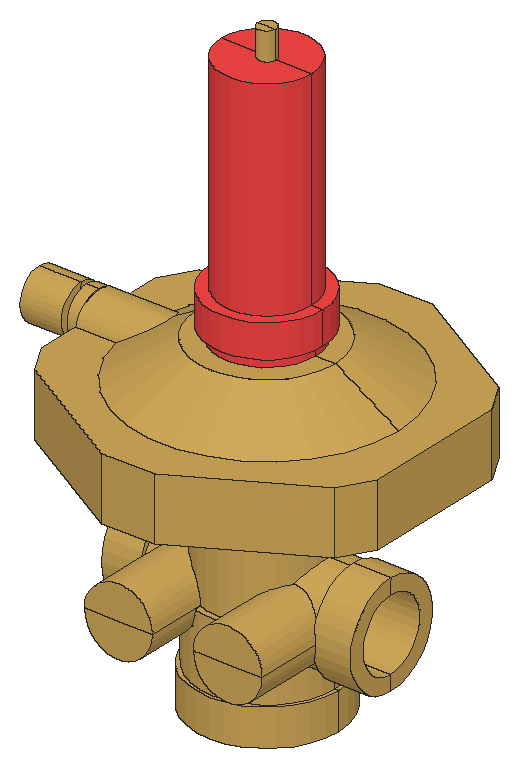
Revit family "Differenzdruckregler 4202 25-60kPa", category Rohrzubehör, Revit 2019
Family settings
  Bemaßung runder Anschluss = Durchmesser verwenden
  Teiletyp = Unterbricht
  OmniClass-Nummer = 23.65.55.14
  OmniClass-Titel = Valves for Liquid Services
  Arbeitsebenenbasiert = Nein
  Immer vertikal = Ja
  Beim Laden mit Abzugskörper schneiden = Nein
  Gemeinsam genutzt = Nein
Parameters (values of type "Ohne Dämmung")
  y2 [instance] = K14 + K9 + H01  # 49.149 mm
  y1 [instance] = (R03 * 2) + R05  # 66.000 mm
  PN = 25  # constant formula
  Min. Betriebstemperatur (Frostschutz) = -20 °C  # constant formula
  Max. zulässige Betriebstemperatur bis DN32 = 130 °C  # constant formula
  Max. zulässige Betriebstemperatur DN40 - DN50 = 110 °C  # constant formula
  Max. Differenzdruck am Gehäuse = 400000.0 Pa  # constant formula
  Max. Betriebsdruck = 2500000.0 Pa  # constant formula
  Ventilschaft = "Edelstahl 14301"  # constant formula
  URL = "www.herz-armaturen.at"
  SCRNSEQ = "ARM;ARM_TYP=\"DIFR\";2"
  SCRNCODE = "05;03;4"  # constant formula
  S06 [instance] = 1.000 mm  # constant formula
  S05 [instance] = S01 - 1.000 mm  # 16.250 mm
  S04 [instance] = S02 - 1.000 mm  # 18.000 mm
  S03 [instance] = size_lookup("4202 25-60kPa", "S03", 26.500 mm, Nennweite)  # 25.600 mm
  S02 [instance] = size_lookup("4202 25-60kPa", "S02", 19.000 mm, Nennweite)  # 19.000 mm
  S01 [instance] = size_lookup("4202 25-60kPa", "S01", 17.250 mm, Nennweite)  # 17.250 mm
  Regleranschlussmutter = "Messing CW614N"  # constant formula
  Regelbereich = "25 - 60kPa"  # constant formula
  R06 [instance] = size_lookup("4202 25-60kPa", "R06", 14.500 mm, Nennweite)  # 14.500 mm
  R05 [instance] = size_lookup("4202 25-60kPa", "R05", 46.000 mm, Nennweite)  # 46.000 mm
  R04 [instance] = size_lookup("4202 25-60kPa", "R04", 12.500 mm, Nennweite)  # 12.500 mm
  R03 [instance] = size_lookup("4202 25-60kPa", "R03", 10.000 mm, Nennweite)  # 10.000 mm
  R02 = 14.500 mm  # constant formula
  R01 [instance] = size_lookup("4202 25-60kPa", "R01", 12.500 mm, Nennweite)  # 12.500 mm
  Min. Betriebstemperatur (reines Wasser) = 2 °C  # constant formula
  O-Ringe = "EPDM"  # constant formula
  Nennweite [instance] = 15.000 mm
  Membrangehäuse = "Messing CW602N"  # constant formula
  Membrane = "EPDM"  # constant formula
  Medium = "Wasserbeschaffenheit nach ÖNORM H 5195 und VDI 2035\r\nDie Verwendung von Ethylen- und Propylenglykol ist im\r\nMischungsverhältnis 25 - 50 Vol.-% zulässig."
  L2 [instance] = size_lookup("4202 25-60kPa", "L2", 161.000 mm, Nennweite)  # 161.000 mm
  L [instance] = size_lookup("4202 25-60kPa", "L", 66.000 mm, Nennweite)  # 66.000 mm
  K9 = 4.000 mm  # constant formula
  K8 = 55.000 mm  # constant formula
  K7 = 8.700 mm  # constant formula
  K6 = 11.700 mm  # constant formula
  K5 = 13.000 mm  # constant formula
  K4 = 12.000 mm  # constant formula
  K3 = 15.000 mm  # constant formula
  K2 = 2.350 mm  # constant formula
  K18 = 89.000 mm  # constant formula
  K17 = 66.700 mm  # constant formula
  K16 = 3.000 mm  # constant formula
  K15 = 26.649 mm  # constant formula
  K14 = 16.649 mm  # constant formula
  K13 = 16.649 mm  # constant formula
  K12 = 10.000 mm  # constant formula
  K11 = 35.000 mm  # constant formula
  K10 = 18.250 mm  # constant formula
  K1.1 = 2.350 mm  # constant formula
  K1 = 7.651 mm  # constant formula
  J9 = 15.700 mm  # constant formula
  J8 = 7.850 mm  # constant formula
  J7 = 15.897 mm  # constant formula
  J6 = 3.900 mm  # constant formula
  J5 = 6.500 mm  # constant formula
  J4 = 1.500 mm  # constant formula
  J3 = 3.200 mm  # constant formula
  J2 = 11.000 mm  # constant formula
  J11 = 3.500 mm  # constant formula
  J10 = 18.897 mm  # constant formula
  J1 = 6.500 mm  # constant formula
  Hersteller = "HERZ-Armaturen Ges.m.b.H"  # constant formula
  H2 [instance] = size_lookup("4202 25-60kPa", "H2", 28.000 mm, Nennweite)  # 28.000 mm
  H1 [instance] = K1 + K2 + K3 + K4 + K5 + K7 + K8 + K16 + 16.650 mm  # 133.351 mm
  H04 = 4.000 mm  # constant formula
  H03 = 9.800 mm  # constant formula
  H02 [instance] = size_lookup("4202 25-60kPa", "H02", 53.000 mm, Nennweite)  # 53.000 mm
  H01 [instance] = size_lookup("4202 25-60kPa", "H01", 25.000 mm, Nennweite)  # 28.500 mm
  Gehäuse = "DZR Messing CC770S"  # constant formula
  G03 [instance] = size_lookup("4202 25-60kPa", "G03", 13.200 mm, Nennweite)  # 13.200 mm
  G02 [instance] = size_lookup("4202 25-60kPa", "G02", 9.500 mm, Nennweite)  # 9.500 mm
  G01 [instance] = size_lookup("4202 25-60kPa", "G01", 13.500 mm, Nennweite)  # 13.500 mm
  Einstellspindel = "Messing CW614N"  # constant formula
  Hinweise zum Material = "Gemäß Art 33 der REACH-Verordnung (EG Nr. 1907/2006) sind wir verpflichtet, darauf hinzuweisen,\r\ndass der Stoff Blei auf der SVHC-Liste geführt wird und dass alle aus Messing bestehenden Bauteile,\r\ndie in unseren Erzeugnissen verarbeitet sind, mehr als 0,1 % (w/w) Blei (CAS: 7439-92-1 / EINECS:\r\n231-100-4) enthalten. Da Blei als Legierungsbestandteil fest gebunden ist, sind keine Expositionen zu\r\nerwarten und daher sind keine zusätzlichen Angaben zur sicheren Verwendung notwendig.\r\n\r\nIm Hanf enthaltenes Ammoniak schädigt\r\nMessingventilgehäuse, EPDM Dichtungen werden durch\r\nMineralöle bzw. mineralölhaltige Schmierstoffe aufgequollen\r\nund führen somit zum Ausfall der EPDM-Dichtungen. Für\r\nFrost- und Korrosionsschutzmittel auf der Basis von Ethylen- und Propylenglykol sind die entsprechenden\r\nAngaben den Unterlagen des Herstellers zu entnehmen."
  Dämmung = no
  Dämmschale = "EPP (expandiertes Polypropylen)"  # constant formula
  Druckfeder = "Federstahl 14310 NS"  # constant formula
  DN50 [instance] = Nennweite = 50.000 mm  # no
  DN40 [instance] = Nennweite = 40.000 mm  # no
  DN32-40 [instance] = or(Nennweite = 32.000 mm, Nennweite = 40.000 mm)  # no
  DN32 [instance] = Nennweite = 32.000 mm  # no
  DN25,32,40 [instance] = or(Nennweite = 25.000 mm, Nennweite = 32.000 mm, Nennweite = 40.000 mm)  # no
  DN25 [instance] = Nennweite = 25.000 mm  # no
  DN20 [instance] = Nennweite = 20.000 mm  # no
  DN15-25 [instance] = or(Nennweite = 15.000 mm, Nennweite = 20.000 mm, Nennweite = 25.000 mm)  # yes
  DN15,20,50 [instance] = or(Nennweite = 15.000 mm, Nennweite = 20.000 mm, Nennweite = 50.000 mm)  # yes
  DN15 [instance] = Nennweite = 15.000 mm  # yes
  D07 [instance] = if(Nennweite = 15.000 mm, 32.500 mm, if(Nennweite = 20.000 mm, 33.500 mm, if(Nennweite = 25.000 mm, 33.500 mm, if(Nennweite = 32.000 mm, 49.500 mm, if(Nennweite = 40.000 mm, 59.500 mm, if(Nennweite = 50.000 mm, 59.500 mm, 0.000 mm))))))  # 32.500 mm
  D06 [instance] = if(Nennweite = 15.000 mm, 32.500 mm, if(Nennweite = 20.000 mm, 33.500 mm, if(Nennweite = 25.000 mm, 33.500 mm, if(Nennweite = 32.000 mm, 49.500 mm, if(Nennweite = 40.000 mm, 59.500 mm, if(Nennweite = 50.000 mm, 59.500 mm, 0.000 mm))))))  # 32.500 mm
  D05 [instance] = if(Nennweite = 15.000 mm, 36.750 mm, if(Nennweite = 20.000 mm, 40.700 mm, if(Nennweite = 25.000 mm, 49.200 mm, if(Nennweite = 32.000 mm, 54.150 mm, if(Nennweite = 40.000 mm, 60.750 mm, if(Nennweite = 50.000 mm, 72.700 mm, 0.000 mm))))))  # 36.750 mm
  D04 [instance] = if(Nennweite = 15.000 mm, 78.500 mm, if(Nennweite = 20.000 mm, 82.000 mm, if(Nennweite = 25.000 mm, 84.000 mm, if(Nennweite = 32.000 mm, 120.000 mm, if(Nennweite = 40.000 mm, 130.000 mm, if(Nennweite = 50.000 mm, 130.500 mm, 0.000 mm))))))  # 78.500 mm
  D03 [instance] = if(Nennweite = 15.000 mm, 96.000 mm, if(Nennweite = 20.000 mm, 110.000 mm, if(Nennweite = 25.000 mm, 112.000 mm, if(Nennweite = 32.000 mm, 152.000 mm, if(Nennweite = 40.000 mm, 170.000 mm, if(Nennweite = 50.000 mm, 179.000 mm, 0.000 mm))))))  # 96.000 mm
  D02 [instance] = size_lookup("4202 25-60kPa", "R05", 41.000 mm, Nennweite)  # 46.000 mm
  D01 [instance] = size_lookup("4202 25-60kPa", "G01", 13.220 mm, Nennweite)  # 13.500 mm
  Bestellnummer Dämmung [instance] = if(and(Dämmung, Nennweite = 15.000 mm), 1409611, if(and(Dämmung, Nennweite = 20.000 mm), 1409612, if(and(Dämmung, Nennweite = 25.000 mm), 1409613, if(and(Dämmung, Nennweite = 32.000 mm), 1409614, if(and(Dämmung, Nennweite = 40.000 mm), 1409615, if(and(Dämmung, Nennweite = 50.000 mm), 1409616, 0))))))  # 0
  Bestellnummer [instance] = if(Nennweite = 15.000 mm, 1420261, if(Nennweite = 20.000 mm, 1420262, if(Nennweite = 25.000 mm, 1420263, if(Nennweite = 32.000 mm, 1420264, if(Nennweite = 40.000 mm, 1420265, if(Nennweite = 50.000 mm, 1420266, 0))))))  # 1420261
  B2 [instance] = size_lookup("4202 25-60kPa", "B2", 31.000 mm, Nennweite)  # 31.000 mm
  B1 [instance] = size_lookup("4202 25-60kPa", "B1", 26.000 mm, Nennweite)  # 26.000 mm
  B04 = 100.649 mm  # constant formula
  B03 = 44.500 mm  # constant formula
  B02 = 104.688 mm  # constant formula
  B01 = 10.000 mm  # constant formula
  Anzeigehülse = "Kunststoff (Rot)"  # constant formula
  Anwendungsgebiet = "Der Differenzdruckregler ist ein Regler mit linearer Kennlinie in Geradsitzausführung und arbeitet ohne\r\nHilfsenergie. Der gewünschte Differenzdruck-Sollwert kann zwischen 5 und 30 kPa; 25 und 60 kPa bzw.\r\n45 und 80 kPa stufenlos eingestellt werden. Der eingestellte Wert ist mit Hilfe des Einstelldiagrammes\r\nablesbar. Werksseitig ist der Sollwert auf Minimum eingestellt. Der erforderliche Sollwert wird mit dem\r\nEinstellwerkzeug (1 4006 02) eingestellt. Im Lieferumfang enthalten ist die Impulsleitung (1000 mm),\r\ndiese ist im Vorlauf einzubinden."
  Anschlussnippel = "Messing CW602N"  # constant formula
Types (2, lengths in mm): name | Dämmung | Bestellnummer Dämmung
  Ohne Dämmung | no | 0
  Mit Dämmung | yes | 1409611
Reference planes
  plane 1 "Mitte (Vorne/hinten)": y = 0
  plane 2: z = 0
  plane 3 "Mitte (Links/rechts)": x = 0
Forms (mm)
  Revolve 1, solid, material "Messing, weicher Gelbton, geschweißt", detail levels fine
    sketch origin (0, 0, 0) x (1, 0, 0) y (0, 0, 1)
      loop
        line (-19.8, 0) -> (19.8, 0) -> (19.8, 9.5) -> (33, 9.5) -> (33, 13.5) -> (23, 13.5) -> (23, 12.5) -> (-23, 12.5) -> (-23, 13.5) -> (-33, 13.5) -> (-33, 9.5) -> (-19.8, 9.5) -> (-19.8, 0)
      axis (-33, 0) -> (33, 0)
    angle from 0 to 360
  Revolve 2, solid, material "Messing, weicher Gelbton, geschweißt", detail levels fine
    sketch origin (0, 0, 0) x (1, 0, 0) y (0, 0, 1)
      loop
        line (0, -28) -> (0, 0) -> (-18, 0) -> (-18, -18.2) -> (-19, -18.2) -> (-19, -28) -> (0, -28)
      axis (0, 0) -> (0, -28)
    angle from 0 to 360
  Extrusion 3, solid, material "Messing, weicher Gelbton, geschweißt", detail levels fine
    sketch origin (0, 0, 0) x (0, -1, 0) y (1, 0, 0)
      loop
        line (-46, -7.038) -> (-27.114, -39.75) -> (-18.886, -44.5) -> (18.886, -44.5) -> (27.114, -39.75) -> (46, -7.038) -> (46, 7.038) -> (27.114, 39.75) -> (18.886, 44.5) -> (-18.886, 44.5) -> (-27.114, 39.75) -> (-46, 7.038) -> (-46, -7.038)
    from 32.5 to 49.149
  Revolve 4, solid, material "Messing, weicher Gelbton, geschweißt", detail levels fine
    sketch origin (0, 0, -7.051) x (1, 0, 0) y (0, 0, 1)
      loop
        line (0, 56.2) -> (0, 66.2) -> (-18.25, 66.2) -> (-35, 56.2) -> (0, 56.2)
      axis (0, 66.2) -> (0, 56.2)
    angle from 0 to 360
  Revolve 5, solid, material "Messing, weicher Gelbton, geschweißt", visible <- "DN15-25", detail levels fine
    sketch origin (-11, 0, 0) x (1, 0, 0) y (0, 1, 0)
      loop
        line (-1.5, 26) -> (-9.2, 26) -> (-9.2, 0) -> (-1.5, 0) -> (-1.5, 26)
      axis (-1.5, 0) -> (-1.5, 26)
    angle from 0 to 360
  Revolve 6, solid, material "Messing, weicher Gelbton, geschweißt", visible <- "DN15,20,50", detail levels fine
    sketch origin (-0.988, 0, -6.853) x (-1, 0, 0) y (0, 0, 1)
      loop
        line (43.5, 55.25) -> (59.2, 55.25) -> (59.2, 61.75) -> (48.2, 61.75) -> (48.2, 59.15) -> (46.7, 59.15) -> (46.7, 61.75) -> (43.5, 61.75) -> (43.5, 55.25)
      axis (43.5, 55.25) -> (59.2, 55.25)
    angle from 0 to 360
  Extrusion 7, solid, material "Messing, weicher Gelbton, geschweißt", visible <- "DN15,20,50", detail levels fine
    sketch origin (0, 0, 0) x (0, 1, 0) y (0, 0, -1)
      loop
        line (7.85, -47.047) -> (7.85, -36) -> (-7.85, -36) -> (-7.85, -47.047)
        arc (-7.85, -47.047) -> (0, -54.897) -> (7.85, -47.047) r 7.85
    from 0 to 44.5
  Revolve 8, solid, material "Kunsstoff rot", detail levels fine
    sketch origin (0, 0, 0) x (1, 0, 0) y (0, 0, 1)
      loop
        line (-12, 125.849) -> (-12, 70.849) -> (-15, 70.849) -> (-15, 62.149) -> (-13, 62.149) -> (-13, 59.149) -> (0, 59.149) -> (0, 125.849) -> (-12, 125.849)
      axis (0, 125.849) -> (0, 59.149)
    angle from 0 to 360
  Revolve 9, solid, material "Messing, weicher Gelbton, geschweißt", visible <- "DN15-25", detail levels fine
    sketch origin (-2, 0, 0) x (1, 0, 0) y (0, 1, 0)
      loop
        line (-12.5, 0) -> (-21.5, 0) -> (-21.5, -31) -> (-12.5, -31) -> (-12.5, 0)
      axis (-12.5, 0) -> (-12.5, -31)
    angle from 0 to 360
  Revolve 10, solid, material "Messing, weicher Gelbton, geschweißt", visible <- "DN15-25", detail levels fine
    sketch origin (2, 0, 0) x (1, 0, 0) y (0, 1, 0)
      loop
        line (12.5, 0) -> (12.5, -31) -> (21.6, -31) -> (21.6, 0) -> (12.5, 0)
      axis (12.5, 0) -> (12.5, -31)
    angle from 0 to 360
  Extrusion 11, solid, material "Messing, weicher Gelbton, geschweißt", visible <- "DN32", detail levels fine
    sketch origin (-31.5, 0, 0) x (1, 0, 0) y (0, 1, 0)
      loop
        circle (63, 0) r 6.578
      loop
        circle (63, 0) r 3.28
    from -47 to 0
  Extrusion 12, solid, material "Messing, weicher Gelbton, geschweißt", visible <- "DN32", detail levels fine
    sketch origin (31.5, 0, 0) x (-1, 0, 0) y (0, -1, 0)
      loop
        circle (63, 0) r 6.578
      loop
        circle (63, 0) r 3.28
    from -47 to 0
  Revolve 13, solid, material "Messing, weicher Gelbton, geschweißt", detail levels fine
    sketch origin (0, 0, 0) x (1, 0, 0) y (0, 0, 1)
      loop
        line (-16.25, 0) -> (0, 0) -> (0, 32.5) -> (-12.25, 32.5) -> (-12.25, 28.5) -> (-17.25, 28.5) -> (-17.25, 18.7) -> (-16.25, 18.7) -> (-16.25, 0)
      axis (0, 32.5) -> (0, 0)
    angle from 0 to 360
  Extrusion 14, solid, material "Messing, weicher Gelbton, geschweißt", visible <- "DN40", detail levels fine
    sketch origin (29.382, 0, 0) x (-1, 0, 0) y (0, -1, 0)
      loop
        circle (63, 0) r 6.578
      loop
        circle (63, 0) r 3.28
    from -58 to 0
  Extrusion 15, solid, material "Messing, weicher Gelbton, geschweißt", visible <- "DN40", detail levels fine
    sketch origin (-29.455, 0, 0) x (1, 0, 0) y (0, 1, 0)
      loop
        circle (63, 0) r 6.578
      loop
        circle (63, 0) r 3.28
    from -58 to 0
  Extrusion 16, solid, material "Messing, weicher Gelbton, geschweißt", visible <- "DN50", detail levels fine
    sketch origin (28.422, 0, 0) x (-1, 0, 0) y (0, -1, 0)
      loop
        circle (63, 0) r 6.578
      loop
        circle (63, 0) r 3.28
    from -58 to 0
  Extrusion 17, solid, material "Messing, weicher Gelbton, geschweißt", visible <- "DN50", detail levels fine
    sketch origin (-28.422, 0, 0) x (1, 0, 0) y (0, 1, 0)
      loop
        circle (63, 0) r 6.578
      loop
        circle (63, 0) r 3.28
    from -58 to 0
  Revolve 18, solid, material "Messing, weicher Gelbton, geschweißt", detail levels fine
    sketch origin (0, 0, 0) x (1, 0, 0) y (0, 0, 1)
      loop
        line (-2.35, 125.349) -> (0, 125.349) -> (0, 133) -> (-2.35, 133) -> (-2.35, 125.349)
      axis (0, 133) -> (0, 125.349)
    angle from 0 to 360
  Revolve 19, solid, material "Messing, weicher Gelbton, geschweißt", visible <- "DN32-40", detail levels fine
    sketch origin (-11, 0, 0) x (1, 0, 0) y (0, 1, 0)
      loop
        line (-1.5, -26) -> (-1.5, 0) -> (-9.2, 0) -> (-9.2, -26) -> (-1.5, -26)
      axis (-1.5, 0) -> (-1.5, -26)
    angle from 0 to 360
  Revolve 20, solid, material "Messing, weicher Gelbton, geschweißt", visible <- "DN25,32,40", detail levels fine
    sketch origin (0.988, 0, 20.147) x (1, 0, 0) y (0, 0, 1)
      loop
        line (43.5, 28.25) -> (59.2, 28.25) -> (59.2, 34.75) -> (48.2, 34.75) -> (48.2, 32.15) -> (46.7, 32.15) -> (46.7, 34.75) -> (43.5, 34.75) -> (43.5, 28.25)
      axis (43.5, 28.25) -> (59.2, 28.25)
    angle from 0 to 360
  Extrusion 21, solid, material "Messing, weicher Gelbton, geschweißt", visible <- "DN25", detail levels fine
    sketch origin (0, 0, 0) x (0, 1, 0) y (0, 0, 1)
      loop
        arc (7.85, 48.047) -> (0, 55.897) -> (-7.85, 48.047) r 7.85
        line (-7.85, 48.047) -> (-7.85, 37) -> (7.85, 37) -> (7.85, 48.047)
    from 0 to 44.5
  Extrusion 22, solid, material "Messing, weicher Gelbton, geschweißt", visible <- "DN32", detail levels fine
    sketch origin (0, 0, 0) x (0, 1, 0) y (0, 0, 1)
      loop
        arc (7.85, 64.047) -> (0, 71.897) -> (-7.85, 64.047) r 7.85
        line (-7.85, 64.047) -> (-7.85, 53) -> (7.85, 53) -> (7.85, 64.047)
    from 0 to 44.5
  Extrusion 23, solid, material "Messing, weicher Gelbton, geschweißt", visible <- "DN40", detail levels fine
    sketch origin (0, 0, 0) x (0, 1, 0) y (0, 0, 1)
      loop
        arc (7.85, 74.047) -> (0, 81.897) -> (-7.85, 74.047) r 7.85
        line (-7.85, 74.047) -> (-7.85, 63) -> (7.85, 63) -> (7.85, 74.047)
    from 0 to 44.5
  Revolve 24, solid, material "Kunststoff-Anthrazig/Schwarz", visible <- "Dämmung"
    sketch origin (0, 0, 0) x (1, 0, 0) y (0, 0, 1)
      loop
        line (0, -46) -> (36.75, -46) -> (36.75, 32.5) -> (0, 32.5) -> (0, -46)
      axis (0, 32.5) -> (0, -46)
    angle from 0 to 360
  Revolve 25, solid, material "Kunststoff-Anthrazig/Schwarz", visible <- "Dämmung"
    sketch origin (0, 0, 0) x (1, 0, 0) y (0, 0, 1)
      loop
        line (48, 32.5) -> (-48, 32.5) -> (-48, 13.5) -> (-23, 13.5) -> (-23, 0) -> (0, 0) -> (23, 0) -> (23, 13.5) -> (48, 13.5) -> (48, 32.5)
      axis (-48, 0) -> (48, 0)
    angle from 0 to 360
Lines and regions (mm)
  model lines, detail levels coarse+medium
    curve 1: line (33, -13.5, 0) -> (33, 13.5, 0)
    curve 2: line (33, 13.5, 0) -> (-33, -13.5, 0)
    curve 3: line (-33, -13.5, 0) -> (-33, 13.5, 0)
    curve 4: line (-33, 13.5, 0) -> (33, -13.5, 0)
    curve 5: spline (-44.5, -40.824, 0) -> (-42.984, -38.67, 0) -> (-38.538, -36.662, 0) -> (-31.466, -34.938, 0) -> (-22.25, -33.615, 0) -> (-11.517, -32.784, 0) -> (0, -32.5, 0) -> (11.517, -32.784, 0) -> (22.25, -33.615, 0) -> (31.466, -34.938, 0) -> (38.538, -36.662, 0) -> (42.984, -38.67, 0) -> (44.5, -40.825, 0) -> (42.984, -42.979, 0) -> (38.538, -44.987, 0) -> (31.466, -46.711, 0) -> (22.25, -48.034, 0) -> (11.517, -48.865, 0) -> (0, -49.149, 0) -> (-11.517, -48.865, 0) -> (-22.25, -48.034, 0) -> (-31.466, -46.711, 0) -> (-38.538, -44.987, 0) -> (-42.984, -42.979, 0) -> (-44.5, -40.824, 0)
    curve 6: line (-33, 0, 13.5) -> (-33, 0, -13.5)
    curve 7: line (-33, 0, -13.5) -> (33, 0, 13.5)
    curve 8: line (33, 0, 13.5) -> (33, 0, -13.5)
    curve 9: line (33, 0, -13.5) -> (-33, 0, 13.5)
    curve 10: line (0, 0, 13.5) -> (0, 0, 32.5)
    curve 11: spline (-44.5, 0, 40.825) -> (-42.984, 0, 42.979) -> (-38.538, 0, 44.987) -> (-31.466, 0, 46.711) -> (-22.25, 0, 48.034) -> (-11.517, 0, 48.865) -> (0, 0, 49.149) -> (11.517, 0, 48.865) -> (22.25, 0, 48.034) -> (31.466, 0, 46.711) -> (38.538, 0, 44.987) -> (42.984, 0, 42.979) -> (44.5, 0, 40.824) -> (42.984, 0, 38.67) -> (38.538, 0, 36.662) -> (31.466, 0, 34.938) -> (22.25, 0, 33.615) -> (11.517, 0, 32.784) -> (0, 0, 32.5) -> (-11.517, 0, 32.784) -> (-22.25, 0, 33.615) -> (-31.466, 0, 34.938) -> (-38.538, 0, 36.662) -> (-42.984, 0, 38.67) -> (-44.5, 0, 40.825)
    curve 12: line (0, 0, 13.5) -> (16.5, 0, 6.75)
    curve 13: line (0, 0, 13.5) -> (-16.5, 0, 6.75)
    curve 14: line (33, 0, 0) -> (63, 0, 0)
    curve 15: line (-33, 0, 0) -> (-63, 0, 0)
    curve 16: line (0, -19, 0) -> (-16.5, -6.75, 0)
    curve 17: line (0, -19, 0) -> (16.5, -6.75, 0)
  model lines
    curve 18: line (0, -19, 0) -> (0, -32.5, 0)
Dimensions and locks
  "G01": Revolve 1 sketch curve to Revolve 1 sketch curve  (x2)
  "R01": Revolve 1 sketch curve to Revolve 1 sketch curve
  "R03": Revolve 1 sketch curve to Revolve 1 sketch curve  (x2)
  "K10": Revolve 4 sketch curve to Revolve 4 sketch curve
  "K11": Revolve 4 sketch curve to Revolve 4 sketch curve
  "B1": Revolve 5 sketch curve to Revolve 5 sketch curve
  "J1": Revolve 6 sketch curve to Revolve 6 sketch curve
  "J3": Revolve 6 sketch curve to Revolve 6 sketch curve
  "J4": Revolve 6 sketch curve to Revolve 6 sketch curve
  "J2": Revolve 6 sketch curve to Revolve 6 sketch curve
  "J5": Revolve 6 sketch curve to Revolve 6 sketch curve
  "J6": Revolve 6 sketch curve to Revolve 6 sketch curve
  "H2": plane 2 to Revolve 2 sketch curve
  "H03": Revolve 2 sketch curve to Revolve 2 sketch curve
  "S02": plane 3 "Mitte (Links/rechts)" to Revolve 2 sketch curve
  "B02": Revolve 6 to Extrusion 3
  "B03": Extrusion 3 to plane 3 "Mitte (Links/rechts)"
  "R04": Revolve 5 sketch curve to plane 3 "Mitte (Links/rechts)"
  "K4": Revolve 8 sketch curve to Revolve 8 sketch curve
  "K3": Revolve 8 sketch curve to Revolve 8 sketch curve
  "K7": Revolve 8 sketch curve to Revolve 8 sketch curve
  "K5": Revolve 8 sketch curve to Revolve 8 sketch curve
  "K8": Revolve 8 sketch curve to Revolve 8 sketch curve
  "K12": Revolve 4 sketch curve to Revolve 4 sketch curve
  "K13": Revolve 4 sketch curve to Extrusion 3
  "K14": Extrusion 3 to Extrusion 3
  "K16": Revolve 8 sketch curve to Revolve 8 sketch curve
  "K15": Revolve 8 to Extrusion 3
  "R05": Revolve 1 sketch curve to Revolve 1 sketch curve
  equal spacing: Revolve 1 sketch curve, plane 3 "Mitte (Links/rechts)", Revolve 1 sketch curve
  "B2": plane 1 "Mitte (Vorne/hinten)" to Revolve 9 sketch curve
  "B2": Revolve 10 sketch curve to plane 1 "Mitte (Vorne/hinten)"
  "R06": Revolve 9 sketch curve to plane 3 "Mitte (Links/rechts)"
  "R06": plane 3 "Mitte (Links/rechts)" to Revolve 10 sketch curve
  "S01": Revolve 13 sketch curve to plane 3 "Mitte (Links/rechts)"
  "S05": plane 3 "Mitte (Links/rechts)" to Revolve 13 sketch curve
  "H04": Revolve 13 sketch curve to Revolve 13 sketch curve
  "H03": Revolve 13 sketch curve to Revolve 13 sketch curve
  "H01": Revolve 13 sketch curve to plane 2
  "K9": Extrusion 3 to Revolve 13
  "S06": Revolve 2 sketch curve to Revolve 2 sketch curve
  "J7": Revolve 6 sketch curve to Extrusion 3
  "J9": Extrusion 7 sketch curve to Extrusion 7 sketch curve
  "J10": Revolve 6 to Extrusion 7 sketch curve
  "J11": Extrusion 7 sketch curve to Extrusion 3
  equal spacing: curve 6, curve 5, curve 8
  "K18": Extrusion 3 to Extrusion 3
  "G01": curve 9 to plane 2
  "G01": plane 2 to curve 7
  "G01": curve 8 to plane 2
  "G01": plane 2 to curve 9
  "K18": curve 11 to curve 11
  "G01": curve 13 to plane 2
  "K14": curve 11 to curve 11
  "y2": curve 11 to plane 2
  "G01": plane 1 "Mitte (Vorne/hinten)" to curve 4
  "G01": curve 3 to plane 1 "Mitte (Vorne/hinten)"
  equal spacing: curve 3, curve 11, curve 1
  equal spacing: curve 3, curve 17, curve 1
  "y1": curve 3 to curve 1
  "G01": plane 1 "Mitte (Vorne/hinten)" to curve 2
  "G01": curve 4 to plane 1 "Mitte (Vorne/hinten)"
  "K18": curve 5 to curve 5
  "K14": curve 5 to curve 5
  "y2": curve 5 to plane 1 "Mitte (Vorne/hinten)"
  "K1.1": plane 3 "Mitte (Links/rechts)" to Revolve 18 sketch curve
  "B1": Revolve 19 sketch curve to Revolve 19 sketch curve
  "R04": Revolve 19 sketch curve to plane 3 "Mitte (Links/rechts)"
  "G02": Revolve 1 sketch curve to plane 2  (x2)
  "G03": Revolve 1 sketch curve to Revolve 1 sketch curve  (x2)
  Revolve 1 sketch curve to Revolve 1 sketch curve = 66.000 mm
  Revolve 1 to Revolve 1 = 66.000 mm
  "L2": Revolve 18 to Revolve 2
  "J1": Revolve 20 sketch curve to Revolve 20 sketch curve
  "J3": Revolve 20 sketch curve to Revolve 20 sketch curve
  "J4": Revolve 20 sketch curve to Revolve 20 sketch curve
  "J2": Revolve 20 sketch curve to Revolve 20 sketch curve
  "J5": Revolve 20 sketch curve to Revolve 20 sketch curve
  "J6": Revolve 20 sketch curve to Revolve 20 sketch curve
  "J7": Revolve 20 sketch curve to Extrusion 3
  "J9": Extrusion 21 sketch curve to Extrusion 21 sketch curve
  "J9": Extrusion 22 sketch curve to Extrusion 22 sketch curve
  "J9": Extrusion 23 sketch curve to Extrusion 23 sketch curve
  "L": curve 6 to curve 8
  equal spacing: Revolve 1, curve 13, plane 3 "Mitte (Links/rechts)"
  equal spacing: plane 3 "Mitte (Links/rechts)", curve 12, Revolve 1
  equal spacing: curve 3, curve 16, plane 3 "Mitte (Links/rechts)"
  equal spacing: plane 3 "Mitte (Links/rechts)", curve 17, curve 1
  "D04": Revolve 24 sketch curve to Revolve 24 sketch curve
  "D05": Revolve 24 sketch curve to Revolve 24 sketch curve
  "D06": Revolve 24 sketch curve to plane 2
  "D07": Revolve 25 sketch curve to plane 2
  "D01": Revolve 25 sketch curve to plane 2  (x2)
  "D03": Revolve 25 sketch curve to Revolve 25 sketch curve
  Revolve 25 sketch curve to Revolve 25 sketch curve = 46.000 mm
  "D02": Revolve 25 sketch curve to Revolve 25 sketch curve
  equal spacing: Revolve 25 sketch curve, plane 3 "Mitte (Links/rechts)", Revolve 25 sketch curve  (x2)
  "J8": radius of Extrusion 7 sketch curve
  "J8": radius of Extrusion 21 sketch curve
  "J8": radius of Extrusion 22 sketch curve
  "J8": radius of Extrusion 23 sketch curve
  aligned and locked: level to plane 2
Automatic sketch dimensions
  plane 3 "Mitte (Links/rechts)" to Extrusion 3 sketch curve = 7.038 mm  (x2)
  Extrusion 3 sketch curve to plane 1 "Mitte (Vorne/hinten)" = 46.000 mm
  Extrusion 3 sketch curve to plane 1 "Mitte (Vorne/hinten)" = 27.114 mm  (x2)
  Extrusion 3 sketch curve to Extrusion 3 sketch curve = 8.227 mm  (x4)
  plane 1 "Mitte (Vorne/hinten)" to Extrusion 3 sketch curve = 18.886 mm  (x2)
  Extrusion 3 sketch curve to Extrusion 3 sketch curve = 18.886 mm
  Extrusion 3 sketch curve to plane 3 "Mitte (Links/rechts)" = 7.038 mm  (x2)
  Extrusion 3 sketch curve to Extrusion 3 sketch curve = 32.712 mm  (x4)
  Extrusion 3 sketch curve to Extrusion 3 sketch curve = 4.750 mm  (x2)
  Extrusion 11 sketch curve to Extrusion 11 sketch curve = 0.000 mm  (x2)
  plane 1 "Mitte (Vorne/hinten)" to Extrusion 11 sketch curve = 0.000 mm
  plane 3 "Mitte (Links/rechts)" to Extrusion 11 sketch curve = 31.500 mm
  Extrusion 12 sketch curve to Extrusion 12 sketch curve = 0.000 mm  (x2)
  plane 1 "Mitte (Vorne/hinten)" to Extrusion 12 sketch curve = 0.000 mm
  plane 3 "Mitte (Links/rechts)" to Extrusion 12 sketch curve = 31.500 mm
  Extrusion 14 sketch curve to Extrusion 14 sketch curve = 0.000 mm  (x2)
  plane 1 "Mitte (Vorne/hinten)" to Extrusion 14 sketch curve = 0.000 mm
  plane 3 "Mitte (Links/rechts)" to Extrusion 14 sketch curve = 33.618 mm
  Extrusion 15 sketch curve to Extrusion 15 sketch curve = 0.000 mm  (x2)
  plane 1 "Mitte (Vorne/hinten)" to Extrusion 15 sketch curve = 0.000 mm
  plane 3 "Mitte (Links/rechts)" to Extrusion 15 sketch curve = 33.545 mm
  Extrusion 16 sketch curve to Extrusion 16 sketch curve = 0.000 mm  (x2)
  plane 1 "Mitte (Vorne/hinten)" to Extrusion 16 sketch curve = 0.000 mm
  plane 3 "Mitte (Links/rechts)" to Extrusion 16 sketch curve = 34.578 mm
  Extrusion 17 sketch curve to Extrusion 17 sketch curve = 0.000 mm  (x2)
  plane 1 "Mitte (Vorne/hinten)" to Extrusion 17 sketch curve = 0.000 mm
  plane 3 "Mitte (Links/rechts)" to Extrusion 17 sketch curve = 34.578 mm
  curve 15 to level = 0.000 mm
  curve 10 to plane 3 "Mitte (Links/rechts)" = 0.000 mm
  curve 11 to plane 3 "Mitte (Links/rechts)" = 0.000 mm
  curve 14 to level = 0.000 mm
  curve 15 to curve 15 = 30.000 mm
  curve 14 to curve 14 = 30.000 mm
  curve 18 to plane 3 "Mitte (Links/rechts)" = 0.000 mm
  curve 5 to plane 3 "Mitte (Links/rechts)" = 0.000 mm
  curve 18 to curve 17 = 13.500 mm
  Revolve 1 sketch curve to level = 0.000 mm  (x2)
  Revolve 1 sketch curve to Revolve 1 sketch curve = 1473.530 mm
  Revolve 1 sketch curve to Revolve 1 sketch curve = 1806.148 mm
  Revolve 2 sketch curve to level = 0.000 mm
  Revolve 2 sketch curve to plane 3 "Mitte (Links/rechts)" = 0.000 mm  (x2)
  Revolve 2 sketch curve to Revolve 2 sketch curve = 1.000 mm
  Revolve 2 sketch curve to Revolve 2 sketch curve = 334.045 mm
  level to Revolve 2 sketch curve = 2218.015 mm
  Revolve 4 sketch curve to plane 3 "Mitte (Links/rechts)" = 0.000 mm  (x2)
  Revolve 4 sketch curve to level = 373.096 mm
  Revolve 4 sketch curve to Revolve 4 sketch curve = 2155.315 mm
  plane 1 "Mitte (Vorne/hinten)" to Revolve 5 sketch curve = 0.000 mm  (x2)
  Revolve 5 sketch curve to Revolve 5 sketch curve = 0.000 mm  (x2)
  Revolve 5 sketch curve to Revolve 5 sketch curve = 7.700 mm
  plane 3 "Mitte (Links/rechts)" to Revolve 6 sketch curve = 44.488 mm
  Revolve 6 sketch curve to Revolve 6 sketch curve = 0.000 mm  (x3)
  Extrusion 7 sketch curve to plane 1 "Mitte (Vorne/hinten)" = 0.000 mm
  Extrusion 7 sketch curve to Extrusion 7 sketch curve = 11.047 mm
  Extrusion 7 sketch curve to Extrusion 7 sketch curve = 0.000 mm
  Revolve 8 sketch curve to plane 3 "Mitte (Links/rechts)" = 0.000 mm  (x2)
  level to Revolve 8 sketch curve = 59.149 mm
  Revolve 8 sketch curve to Revolve 8 sketch curve = 0.000 mm  (x2)
  plane 1 "Mitte (Vorne/hinten)" to Revolve 9 sketch curve = 0.000 mm  (x2)
  Revolve 9 sketch curve to Revolve 9 sketch curve = 9.000 mm
  Revolve 9 sketch curve to Revolve 9 sketch curve = 0.000 mm  (x2)
  plane 1 "Mitte (Vorne/hinten)" to Revolve 10 sketch curve = 0.000 mm  (x2)
  Revolve 10 sketch curve to Revolve 10 sketch curve = 9.100 mm
  Revolve 10 sketch curve to Revolve 10 sketch curve = 0.000 mm  (x2)
  Revolve 13 sketch curve to level = 0.000 mm  (x2)
  Revolve 13 sketch curve to plane 3 "Mitte (Links/rechts)" = 0.000 mm  (x2)
  Revolve 13 sketch curve to Revolve 13 sketch curve = 5.000 mm
  Revolve 13 sketch curve to Revolve 13 sketch curve = 0.000 mm
  Revolve 18 sketch curve to plane 3 "Mitte (Links/rechts)" = 0.000 mm  (x2)
  level to Revolve 18 sketch curve = 125.349 mm
  Revolve 18 sketch curve to Revolve 18 sketch curve = 7.651 mm
  Revolve 18 sketch curve to Revolve 18 sketch curve = 0.000 mm  (x2)
  plane 1 "Mitte (Vorne/hinten)" to Revolve 19 sketch curve = 0.000 mm  (x2)
  Revolve 19 sketch curve to Revolve 19 sketch curve = 7.700 mm
  Revolve 19 sketch curve to Revolve 19 sketch curve = 0.000 mm  (x2)
  plane 3 "Mitte (Links/rechts)" to Revolve 20 sketch curve = 44.488 mm
  Revolve 20 sketch curve to Revolve 20 sketch curve = 0.000 mm  (x3)
  Extrusion 21 sketch curve to plane 1 "Mitte (Vorne/hinten)" = 0.000 mm
  level to Extrusion 21 sketch curve = 37.000 mm
  Extrusion 21 sketch curve to Extrusion 21 sketch curve = 11.047 mm
  Extrusion 21 sketch curve to Extrusion 21 sketch curve = 0.000 mm
  Extrusion 22 sketch curve to plane 1 "Mitte (Vorne/hinten)" = 0.000 mm
  level to Extrusion 22 sketch curve = 53.000 mm
  Extrusion 22 sketch curve to Extrusion 22 sketch curve = 11.047 mm
  Extrusion 22 sketch curve to Extrusion 22 sketch curve = 0.000 mm
  Extrusion 23 sketch curve to plane 1 "Mitte (Vorne/hinten)" = 0.000 mm
  level to Extrusion 23 sketch curve = 63.000 mm
  Extrusion 23 sketch curve to Extrusion 23 sketch curve = 11.047 mm
  Extrusion 23 sketch curve to Extrusion 23 sketch curve = 0.000 mm
  Revolve 24 sketch curve to plane 3 "Mitte (Links/rechts)" = 0.000 mm  (x2)
  Revolve 24 sketch curve to Revolve 24 sketch curve = 0.000 mm  (x2)
  Revolve 25 sketch curve to level = 0.000 mm  (x2)
  Revolve 25 sketch curve to plane 3 "Mitte (Links/rechts)" = 0.000 mm
  Revolve 25 sketch curve to Revolve 25 sketch curve = 0.000 mm  (x2)
  radius of Extrusion 11 sketch curve = 6.578 mm
  radius of Extrusion 11 sketch curve = 3.280 mm
  radius of Extrusion 12 sketch curve = 6.578 mm
  radius of Extrusion 12 sketch curve = 3.280 mm
  radius of Extrusion 14 sketch curve = 6.578 mm
  radius of Extrusion 14 sketch curve = 3.280 mm
  radius of Extrusion 15 sketch curve = 6.578 mm
  radius of Extrusion 15 sketch curve = 3.280 mm
  radius of Extrusion 16 sketch curve = 6.578 mm
  radius of Extrusion 16 sketch curve = 3.280 mm
  radius of Extrusion 17 sketch curve = 6.578 mm
  radius of Extrusion 17 sketch curve = 3.280 mm
Nested families
  nested 1: "Herz-Logo-vorne" at (-0.018, 17.815, -12.904) x (0, -1, 0) z (0, 0, 1), type "Herz-Logo-vorne", detail levels fine
  nested 2: "Herz-Logo-vorne" at (-0.018, 24.058, 0) x (0, -1, 0) z (0, 0, 1), visible <- "DN32", type "Herz-Logo-vorne", detail levels fine
  nested 3: "Herz-Logo-vorne" at (-0.018, 33.471, 0) x (0, -1, 0) z (0, 0, 1), visible <- "DN50", type "Herz-Logo-vorne", detail levels fine
  nested 4: "Herz-Logo-vorne" at (-0.018, 26.482, 0) x (0, -1, 0) z (0, 0, 1), visible <- "DN40", type "Herz-Logo-vorne", detail levels fine
Connectors
  piping at (33, 0, 0), diameter 15, driven by "Nennweite"
    settings: on Revolve 1, index 1, connector inside diameter 609.6 mm, connector length 0.000 mm, flow factor 0, pipe flow 0.0 L/s, pressure drop 0.0 Pa, fitting loss kfactor 0, connector angle 0.00°, fixture units 0, engagement length 0.000 mm, angle of deflection 0.00°, flow configuration 0, flow direction 2, fitting loss method 0, system type 29, joint type 0, gender type 0, connector reference index -1, connector utility 0, adjustable connector no, is connector primary yes, connector description ""
  piping at (-33, 0, 0), diameter 15, driven by "Nennweite"
    settings: on Revolve 1, index 2, connector inside diameter 609.6 mm, connector length 0.000 mm, flow factor 0, pipe flow 0.0 L/s, pressure drop 0.0 Pa, fitting loss kfactor 0, connector angle 0.00°, fixture units 0, engagement length 0.000 mm, angle of deflection 0.00°, flow configuration 0, flow direction 1, fitting loss method 0, system type 7, joint type 0, gender type 0, connector reference index -1, connector utility 0, adjustable connector no, is connector primary no, connector description ""
Definition of nested family "Herz-Logo-vorne"
  Reference planes
    plane 1 "Mitte (Vorne/hinten)": y = 0
    plane 2: z = 0
    plane 3 "Mitte (Links/rechts)": x = 0
  Forms (mm)
    Extrusion 1, solid
      sketch origin (0.732, -0.018, 0.017) x (0, -1, 0) y (0, 0, 1)
        loop
          line (-0.018, -4.517) -> (4.482, -4.517) -> (4.482, 4.483) -> (-4.518, 4.483) -> (-4.518, -4.517) -> (-0.018, -4.517)
        loop
          line (-0.05, -3.48) -> (3.482, -3.48) -> (3.482, 3.483) -> (-3.518, 3.483) -> (-3.518, -3.48) -> (-0.05, -3.48)
        loop
          arc (-0.018, 2.383) -> (-1.543, 3.287) -> (-3.067, 2.383) r 1.738
          arc (-3.067, 2.383) -> (-3.191, 1.899) -> (-3.067, 1.415) r 1.009
          line (-3.067, 1.415) -> (-0.018, -3.281) -> (3.032, 1.415)
          arc (3.032, 1.415) -> (3.156, 1.899) -> (3.032, 2.383) r 1.009
          arc (3.032, 2.383) -> (1.507, 3.287) -> (-0.018, 2.383) r 1.738
        loop
          arc (1.885, 1.272) -> (2.005, 1.675) -> (1.885, 2.079) r 0.74
          arc (1.885, 2.079) -> (1.265, 2.416) -> (0.644, 2.079) r 0.74
          line (0.644, 2.079) -> (-0.018, 0.97) -> (-0.679, 2.079)
          arc (-0.679, 2.079) -> (-1.3, 2.416) -> (-1.921, 2.079) r 0.74
          arc (-1.921, 2.079) -> (-2.04, 1.675) -> (-1.921, 1.272) r 0.74
          line (-1.921, 1.272) -> (-0.018, -1.658) -> (1.885, 1.272)
      from 0 to 1.5
  Dimensions and locks
    aligned and locked: level to plane 2
